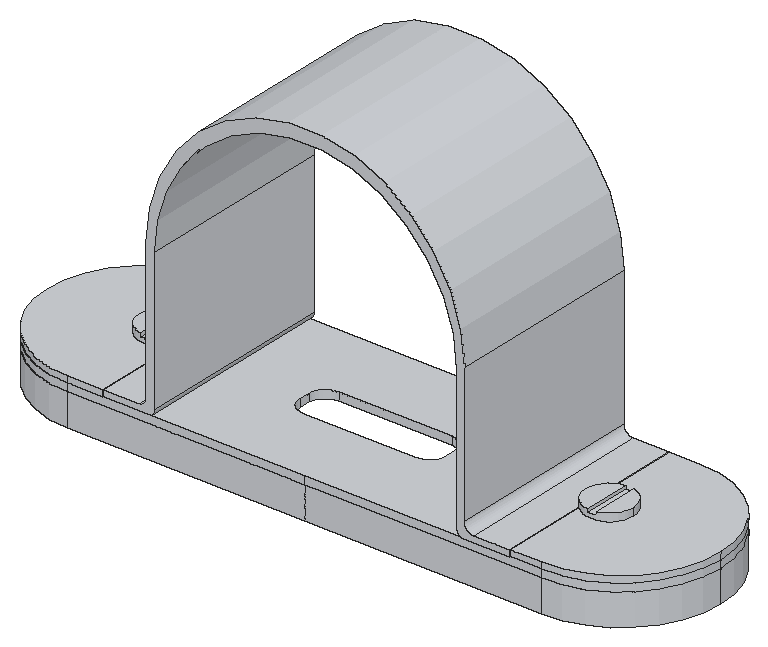
Revit family "SBS38G", category Generic Models, Revit 2017
Family settings
  Can host rebar = No
  Round Connector Dimension = Use Diameter
  Part Type = Normal
  Work Plane-Based = Yes
  Always vertical = No
  Cut with Voids When Loaded = No
  Shared = No
  Room Calculation Point = No
Parameters (values of type "NBS Standard Parameters")
  Weight = "0.026Kg"
  WarrantyStartDate [instance] = "1900-12-31T23:59:59"
  WarrantyGuarantorParts = "n/a"
  WarrantyGuarantorLabor = "n/a"
  WarrantyDurationUnit = "1 year"
  WarrantyDurationParts = "n/a"
  WarrantyDurationLabor = "n/a"
  WarrantyDescription = "n/a"
  Version = "1"
  Uniclass2 = "Pr_65_70_11_20"
  TagNumber [instance] = "n/a"
  SustainabilityPerformance = "n/a"
  Size = "1.5\""
  Shape = "n/a"
  SerialNumber [instance] = "n/a"
  Revision = "n/a"
  ReplacementCost = "n/a"
  ProductInformation = "www.metpro.co.uk/pdf/sbs38g.pdf"
  NominalWidth = 25 mm
  NominalLength = 85 mm
  NominalHeight = 45 mm
  Name = ""
  NBSTypeID = ""
  NBSReference = "90-55-10/460"
  NBSOfficeMasterTag = ""
  NBSNote = ""
  NBSDescription = "Conduit Fittings"
  NBSCertification = ""
  ModelReference = "SBS38G"
  ModelNumber = "n/a"
  Material = "Pressed Steel"
  ManufacturerURL = "www.metpro.co.uk"
  ManufacturerName = "Metpro Ltd"
  InstallationDate [instance] = "1900-12-31T23:59:59"
  IfcExportType = ""
  IfcExportAs = ""
  Grade = "n/a"
  Finish = "BZP"
  Features = "n/a"
  ExpectedLife = "n/a"
  DurationUnit = "year"
  Description = "SBS38G - 1.5\" Spacer Bar Saddle"
  Default Elevation = 1219.2 mm
  Constituents = "n/a"
  Color = "n/a"
  CodePerformance = "n/a"
  Category = "n/a"
  BarCode [instance] = "n/a"
  BIMObjectName = "Metpro_metprolibrary_conduitfittings_metalcomponent_steelaccessories"
  Author = "Metpro Ltd"
  AssetType = ""
  AssetIdentifier [instance] = "n/a"
  AccessibilityPerformance = "n/a"
Reference planes
  plane 1 "Center (Front/Back)": y = 0
  plane 2: z = 0
  plane 3 "Center (Left/Right)": x = 0
Forms (mm)
  Extrusion 1, solid
    sketch origin (0, 16.913, -0.913) x (1, 0, 0) y (0, 0, 1)
      loop
        line (19, 9.687) -> (19, -8.137)
        arc (19, -8.137) -> (19.234, -8.702) -> (19.812, -8.953) r 0.8
        line (19.812, -8.953) -> (25.618, -8.953) -> (25.618, -8.137) -> (21.107, -8.137)
        arc (21.107, -8.137) -> (20.258, -7.785) -> (19.907, -6.937) r 1.2
        line (19.907, -6.937) -> (19.907, 10.28)
        arc (19.907, 10.28) -> (-0.093, 30.28) -> (-20.093, 10.28) r 20
        line (-20.093, 10.28) -> (-20.093, -7.165)
        arc (-20.093, -7.165) -> (-20.378, -7.852) -> (-21.065, -8.137) r 0.972
        line (-21.065, -8.137) -> (-25.602, -8.137) -> (-25.602, -8.953) -> (-19.855, -8.953)
        arc (-19.855, -8.953) -> (-19.25, -8.703) -> (-19, -8.099) r 0.855
        line (-19, -8.099) -> (-19, 9.688)
        arc (-19, 9.688) -> (0, 28.687) -> (19, 9.687) r 19
    from -4.5 to 20.5
  Extrusion 2, solid
    sketch origin (-23.542, 16.913, -9.867) x (0, -1, 0) y (-1, 0, 0)
      loop
        line (20.5, -23.382) -> (20.5, 6.449)
        arc (20.5, 6.449) -> (16.839, 15.288) -> (8, 18.949) r 12.5
        arc (8, 18.949) -> (-0.839, 15.288) -> (-4.5, 6.449) r 12.5
        line (-4.5, 6.449) -> (-4.5, -23.382) -> (-4.5, -53.214)
        arc (-4.5, -53.214) -> (-0.839, -62.053) -> (8, -65.714) r 12.5
        arc (8, -65.714) -> (16.839, -62.053) -> (20.5, -53.214) r 12.5
        line (20.5, -53.214) -> (20.5, -23.382)
      loop
        arc (10.777, -15.393) -> (10.162, -13.908) -> (8.677, -13.293) r 2.1
        line (8.677, -13.293) -> (7.3, -13.293)
        arc (7.3, -13.293) -> (5.815, -13.908) -> (5.2, -15.393) r 2.1
        line (5.2, -15.393) -> (5.2, -29.59)
        arc (5.2, -29.59) -> (5.817, -31.079) -> (7.306, -31.696) r 2.106
        line (7.306, -31.696) -> (8.514, -31.696)
        arc (8.514, -31.696) -> (10.103, -31.144) -> (10.777, -29.602) r 2.1
        line (10.777, -29.602) -> (10.777, -15.393)
    from 0 to 1
  Extrusion 3, solid
    sketch origin (10.708, 16.913, -9.05) x (1, 0, 0) y (0, 1, 0)
      loop
        circle (-38.941, -7.675) r 3
      loop
        circle (17.206, -7.675) r 3
    from 0 to 0.948
  Extrusion 4, solid
    sketch origin (-23.542, 16.913, -10.867) x (0, -1, 0) y (1, 0, 0)
      loop
        line (20.5, 23.382) -> (20.5, 53.214)
        arc (20.5, 53.214) -> (16.839, 62.053) -> (8, 65.714) r 12.5
        arc (8, 65.714) -> (-0.839, 62.053) -> (-4.5, 53.214) r 12.5
        line (-4.5, 53.214) -> (-4.5, 23.382) -> (-4.5, -6.449)
        arc (-4.5, -6.449) -> (-0.839, -15.288) -> (8, -18.949) r 12.5
        arc (8, -18.949) -> (16.839, -15.288) -> (20.5, -6.449) r 12.5
        line (20.5, -6.449) -> (20.5, 23.382)
      loop
        line (19.5, -6.449) -> (19.5, 23.382) -> (19.5, 53.214)
        arc (19.5, 53.214) -> (16.132, 61.345) -> (8, 64.714) r 11.5
        arc (8, 64.714) -> (-0.132, 61.345) -> (-3.5, 53.214) r 11.5
        line (-3.5, 53.214) -> (-3.5, 23.382) -> (-3.5, -6.449)
        arc (-3.5, -6.449) -> (-0.132, -14.581) -> (8, -17.949) r 11.5
        arc (8, -17.949) -> (16.132, -14.581) -> (19.5, -6.449) r 11.5
    from -4.028 to 0
  Extrusion 5, solid
    sketch origin (-17.85, 16.913, -9.05) x (-1, 0, 0) y (0, -1, 0)
      loop
        line (-47.521, -4.5) -> (-43.468, -4.5) -> (-43.468, 20.5) -> (-47.521, 20.5)
        arc (-47.521, 20.5) -> (-56.36, 16.839) -> (-60.021, 8) r 12.5
        arc (-60.021, 8) -> (-56.36, -0.839) -> (-47.521, -4.5) r 12.5
      loop
        line (7.752, -4.5) -> (12.142, -4.5)
        arc (12.142, -4.5) -> (20.98, -0.839) -> (24.642, 8) r 12.5
        arc (24.642, 8) -> (20.98, 16.839) -> (12.142, 20.5) r 12.5
        line (12.142, 20.5) -> (7.752, 20.5) -> (7.752, -4.5)
    from 0 to -0.8
  Extrusion 6, void
    sketch origin (-17.85, 16.913, -9.05) x (0, -1, 0) y (-1, 0, 0)
      loop
        line (3.873, 10.013) -> (12.067, 10.013) -> (12.067, 10.85) -> (3.873, 10.85) -> (3.873, 10.013)
      loop
        line (11.76, -45.437) -> (4.408, -45.437) -> (4.408, -46.468) -> (11.76, -46.468) -> (11.76, -45.437)
    from -2.617 to -0.554
Cuts and joins
  Extrusion 6 cuts Extrusion 2
  Extrusion 6 cuts Extrusion 3
  Extrusion 6 cuts Extrusion 5
Dimensions and locks
  aligned and locked: level to plane 2
